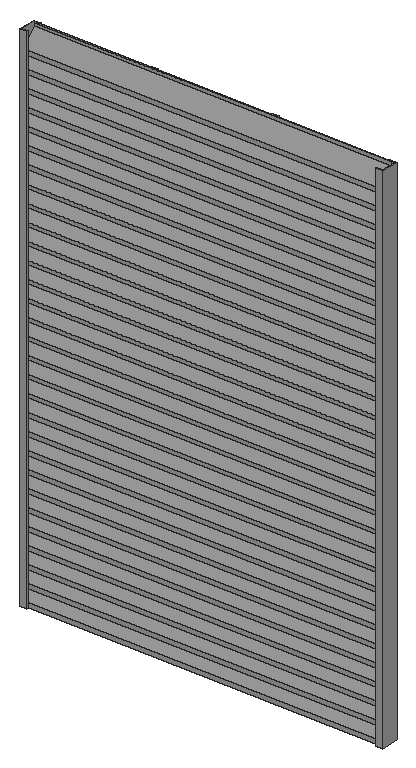
Revit family "Palmshield-Asia-Louver-Panel", category Specialty Equipment, Revit 2025
Family settings
  Round Connector Dimension = Use Diameter
  Part Type = Normal
  OmniClass Number = 23.55.00.00
  OmniClass Title = Manufactured Structures
  Work Plane-Based = No
  Enable Cutting in Views = No
  Always vertical = No
  Cut with Voids When Loaded = No
  Maintain Annotation Orientation = No
  Shared = No
  Room Calculation Point = No
Parameters (values of type "Assembly")
  Width [instance] = if(Desired Overall Width < C Min Width, C Min Width, if(Desired Overall Width > C Max Width, C Max Width, Desired Overall Width))  # 4' - 0"
  Warranty URL = "https://palmshieldlouvers.com/wp-content/uploads/2020/01/PalmSHIELD-Warranty-NO-SIGN-LINE.pdf"
  Version = "2020 - v1.0a"  # constant formula
  URL = "https://palmshieldlouvers.com/"
  Product Page URL = "https://palmshieldlouvers.com/products/semi-private-screening/"
  Product Documentation Link = "http://palmshieldlouvers.com/wp-content/uploads/2020/05/PalmSHIELD-Semi-Private-Composite-Technical-Data-Sheet.pdf"
  Offset From Surface = 0' - 2"  # constant formula
  Model = "Asia - Aluminum - Panel Assembly"  # constant formula
  Material = Metal - PalmSHIELD - Dusty Grey
  Manufacturer Phone Number = "531-329-4406 "  # constant formula
  Manufacturer Email = "mailto: info@palmshieldlouvers.com"
  Manufacturer Address = "12330 Cary Circle, La Vista, NE 68128"  # constant formula
  Manufacturer = "PalmSHIELD"  # constant formula
  Keynote = "05 10 00"
  Instruction Sheet Link = "http://palmshieldlouvers.com/wp-content/uploads/2020/01/PalmSHIELD-Post-Panel-Gate-Installation-Instructions-REV-1.pdf"
  ID [instance] = "Not Assigned"
  Height [instance] = if(Desired Overall Height < C Min Height, C Min Height, if(Desired Overall Height > C Max Height, C Max Height, Desired Overall Height))  # 6' - 0"
  Desired Overall Width [instance] = 4' - 0"
  Desired Overall Height [instance] = 6' - 0"
  Desired Bottom Angle [instance] = 0.00°
  Description = "Asia - Aluminum - Panel Assembly"  # constant formula
  Default Elevation = 0' - 0"
  Copyright = "Copyright ©2024 The American Fence Company and PalmSHIELD. All Rights Reserved."  # constant formula
  Component Vis [instance] = yes
  Component Name [instance] = "Asia - Aluminum - Panel Assembly"  # constant formula
  C Min Width [instance] = 3' - 4"  # constant formula
  C Min Height [instance] = 3' - 4"  # constant formula
  C Max Width [instance] = 5' - 0"  # constant formula
  C Max Height [instance] = 12' - 0"  # constant formula
  C Angle [instance] = if(Desired Bottom Angle > 10.00°, 10.00°, if(Desired Bottom Angle < -10.00°, -10.00°, Desired Bottom Angle))  # 0.00°
  Assembly Code = "F1020100"
Reference planes (in)
  plane 1 "Center (Front/Back)": y = 0
  plane 2: z = 0
  plane 3 "Center (Left/Right)": x = 0
  plane 4: z = 72
  plane 5: x = 48
  plane 6: y = 2.25
  plane 7: y = 1.125
Lines and regions (in)
  reference lines
    curve 1: line (48, 0, 85.95698) -> (48, 0, -11)
    curve 2: line (-20.8931, 0, 72) -> (71.1069, 0, 72)
Dimensions and locks (in)
  "Desired Overall Height": curve 2 to level
  "Desired Overall Width": curve 1 to plane 3 "Center (Left/Right)"
  "Height": plane 4 to level
  "Width": plane 5 to plane 3 "Center (Left/Right)"
  equal spacing: plane 1 "Center (Front/Back)", plane 7, plane 6
  aligned and locked: plane 2 to level
Automatic sketch dimensions
  curve 2 to plane 3 "Center (Left/Right)" = 1' - 8.8931"
  plane 5 to curve 2 = 1' - 11.1069"
  curve 1 to level = 0' - 11"
  plane 4 to curve 1 = 1' - 1.95698"
Nested families (in)
  nested 1: "Screening-Louver-Assembly-Panel-Palmshield-Asia" at (0, 0, 0), Desired Overall Height <- "Desired Overall Height", Desired Overall Width <- "Desired Overall Width", ID <- "ID", Height <- "Height", Width <- "Width", Component Vis <- "Component Vis", type "Assembly"
    with Width 4' - 0", Louver Length 3' - 11 1/4", ID "Not Assigned", Height 6' - 0", Desired Overall Width 4' - 0", Desired Overall Height 6' - 0", Component Vis yes, Component Name "Asia - Panel Assembly", C Top Post Length 4' - 0", C Straight Corner Angle 45.00°, C Slope Angle 0.00°, C Side Frame Width 0' - 0 7/8", C Side Adjustment 0' - 0", C Rib Thickness Bottom Offset 0' - 0", C Rib Bottom Side Offset 0' - 0", C Louver Offset 0' - 0 1/8", C Louver Count 30, C Hip 4' - 0", C Frame Offset 0' - 0 3/8", C Desired Bottom Angle 0.00°, C Corner Offset 0' - 3", C B-Side Post Length 6' - 0", C B-Side Angle 45.00°, C Angle 90.00°, C A-Side Post Length 6' - 0", C A-Side Angle 45.00°
  nested 2: "Nested-U_Channel-Palmshield-Asia" at (0, 0, 72) x (0, 1, 0) z (1, 0, 0), type "2-1/4"X7/8"X1/8" AL CHANNEL"
    with Material Metal - PalmSHIELD - Dusty Grey, Length 5' - 8 1/2", ID "Not Assigned", Component Name "Asia - Aluminum - U Channel"
  nested 3: "Nested-U_Channel-Palmshield-Asia" at (48, 0, 3.5) x (0, 1, 0) z (-1, 0, 0), type "2-1/4"X7/8"X1/8" AL CHANNEL"
    with Material Metal - PalmSHIELD - Dusty Grey, Length 5' - 8 1/2", ID "Not Assigned", Component Name "Asia - Aluminum - U Channel"
  nested 4: "Nested-Louvers-Palmshield-Asia" at (0.375, 2.125, 8.75669) x (0, -1, 0) z (1, 0, 0), type "EXTRUDED ALUMINUM LOUVERS TYP."
    with Material Metal - PalmSHIELD - Dusty Grey, Length 3' - 11 1/4", ID "Not Assigned", Component Name "Asia - Aluminum - Louvers"
  nested 5: "Nested-Louvers-Palmshield-Asia" at (0.375, 2.125, 11.01538) x (0, -1, 0) z (1, 0, 0), type "EXTRUDED ALUMINUM LOUVERS TYP."
    with Material Metal - PalmSHIELD - Dusty Grey, Length 3' - 11 1/4", ID "Not Assigned", Component Name "Asia - Aluminum - Louvers"
  nested 6: "Nested-Louvers-Palmshield-Asia" at (0.375, 2.125, 13.27407) x (0, -1, 0) z (1, 0, 0), type "EXTRUDED ALUMINUM LOUVERS TYP."
    with Material Metal - PalmSHIELD - Dusty Grey, Length 3' - 11 1/4", ID "Not Assigned", Component Name "Asia - Aluminum - Louvers"
  nested 7: "Nested-Louvers-Palmshield-Asia" at (0.375, 2.125, 15.53276) x (0, -1, 0) z (1, 0, 0), type "EXTRUDED ALUMINUM LOUVERS TYP."
    with Material Metal - PalmSHIELD - Dusty Grey, Length 3' - 11 1/4", ID "Not Assigned", Component Name "Asia - Aluminum - Louvers"
  nested 8: "Nested-Louvers-Palmshield-Asia" at (0.375, 2.125, 17.79145) x (0, -1, 0) z (1, 0, 0), type "EXTRUDED ALUMINUM LOUVERS TYP."
    with Material Metal - PalmSHIELD - Dusty Grey, Length 3' - 11 1/4", ID "Not Assigned", Component Name "Asia - Aluminum - Louvers"
  nested 9: "Nested-Louvers-Palmshield-Asia" at (0.375, 2.125, 20.05014) x (0, -1, 0) z (1, 0, 0), type "EXTRUDED ALUMINUM LOUVERS TYP."
    with Material Metal - PalmSHIELD - Dusty Grey, Length 3' - 11 1/4", ID "Not Assigned", Component Name "Asia - Aluminum - Louvers"
  nested 10: "Nested-Louvers-Palmshield-Asia" at (0.375, 2.125, 22.30883) x (0, -1, 0) z (1, 0, 0), type "EXTRUDED ALUMINUM LOUVERS TYP."
    with Material Metal - PalmSHIELD - Dusty Grey, Length 3' - 11 1/4", ID "Not Assigned", Component Name "Asia - Aluminum - Louvers"
  nested 11: "Nested-Louvers-Palmshield-Asia" at (0.375, 2.125, 24.56752) x (0, -1, 0) z (1, 0, 0), type "EXTRUDED ALUMINUM LOUVERS TYP."
    with Material Metal - PalmSHIELD - Dusty Grey, Length 3' - 11 1/4", ID "Not Assigned", Component Name "Asia - Aluminum - Louvers"
  nested 12: "Nested-Louvers-Palmshield-Asia" at (0.375, 2.125, 26.82621) x (0, -1, 0) z (1, 0, 0), type "EXTRUDED ALUMINUM LOUVERS TYP."
    with Material Metal - PalmSHIELD - Dusty Grey, Length 3' - 11 1/4", ID "Not Assigned", Component Name "Asia - Aluminum - Louvers"
  nested 13: "Nested-Louvers-Palmshield-Asia" at (0.375, 2.125, 29.0849) x (0, -1, 0) z (1, 0, 0), type "EXTRUDED ALUMINUM LOUVERS TYP."
    with Material Metal - PalmSHIELD - Dusty Grey, Length 3' - 11 1/4", ID "Not Assigned", Component Name "Asia - Aluminum - Louvers"
  nested 14: "Nested-Louvers-Palmshield-Asia" at (0.375, 2.125, 31.34359) x (0, -1, 0) z (1, 0, 0), type "EXTRUDED ALUMINUM LOUVERS TYP."
    with Material Metal - PalmSHIELD - Dusty Grey, Length 3' - 11 1/4", ID "Not Assigned", Component Name "Asia - Aluminum - Louvers"
  nested 15: "Nested-Louvers-Palmshield-Asia" at (0.375, 2.125, 33.60228) x (0, -1, 0) z (1, 0, 0), type "EXTRUDED ALUMINUM LOUVERS TYP."
    with Material Metal - PalmSHIELD - Dusty Grey, Length 3' - 11 1/4", ID "Not Assigned", Component Name "Asia - Aluminum - Louvers"
  nested 16: "Nested-Louvers-Palmshield-Asia" at (0.375, 2.125, 35.86097) x (0, -1, 0) z (1, 0, 0), type "EXTRUDED ALUMINUM LOUVERS TYP."
    with Material Metal - PalmSHIELD - Dusty Grey, Length 3' - 11 1/4", ID "Not Assigned", Component Name "Asia - Aluminum - Louvers"
  nested 17: "Nested-Louvers-Palmshield-Asia" at (0.375, 2.125, 38.11966) x (0, -1, 0) z (1, 0, 0), type "EXTRUDED ALUMINUM LOUVERS TYP."
    with Material Metal - PalmSHIELD - Dusty Grey, Length 3' - 11 1/4", ID "Not Assigned", Component Name "Asia - Aluminum - Louvers"
  nested 18: "Nested-Louvers-Palmshield-Asia" at (0.375, 2.125, 40.37834) x (0, -1, 0) z (1, 0, 0), type "EXTRUDED ALUMINUM LOUVERS TYP."
    with Material Metal - PalmSHIELD - Dusty Grey, Length 3' - 11 1/4", ID "Not Assigned", Component Name "Asia - Aluminum - Louvers"
  nested 19: "Nested-Louvers-Palmshield-Asia" at (0.375, 2.125, 42.63703) x (0, -1, 0) z (1, 0, 0), type "EXTRUDED ALUMINUM LOUVERS TYP."
    with Material Metal - PalmSHIELD - Dusty Grey, Length 3' - 11 1/4", ID "Not Assigned", Component Name "Asia - Aluminum - Louvers"
  nested 20: "Nested-Louvers-Palmshield-Asia" at (0.375, 2.125, 44.89572) x (0, -1, 0) z (1, 0, 0), type "EXTRUDED ALUMINUM LOUVERS TYP."
    with Material Metal - PalmSHIELD - Dusty Grey, Length 3' - 11 1/4", ID "Not Assigned", Component Name "Asia - Aluminum - Louvers"
  nested 21: "Nested-Louvers-Palmshield-Asia" at (0.375, 2.125, 47.15441) x (0, -1, 0) z (1, 0, 0), type "EXTRUDED ALUMINUM LOUVERS TYP."
    with Material Metal - PalmSHIELD - Dusty Grey, Length 3' - 11 1/4", ID "Not Assigned", Component Name "Asia - Aluminum - Louvers"
  nested 22: "Nested-Louvers-Palmshield-Asia" at (0.375, 2.125, 49.4131) x (0, -1, 0) z (1, 0, 0), type "EXTRUDED ALUMINUM LOUVERS TYP."
    with Material Metal - PalmSHIELD - Dusty Grey, Length 3' - 11 1/4", ID "Not Assigned", Component Name "Asia - Aluminum - Louvers"
  nested 23: "Nested-Louvers-Palmshield-Asia" at (0.375, 2.125, 51.67179) x (0, -1, 0) z (1, 0, 0), type "EXTRUDED ALUMINUM LOUVERS TYP."
    with Material Metal - PalmSHIELD - Dusty Grey, Length 3' - 11 1/4", ID "Not Assigned", Component Name "Asia - Aluminum - Louvers"
  nested 24: "Nested-Louvers-Palmshield-Asia" at (0.375, 2.125, 53.93048) x (0, -1, 0) z (1, 0, 0), type "EXTRUDED ALUMINUM LOUVERS TYP."
    with Material Metal - PalmSHIELD - Dusty Grey, Length 3' - 11 1/4", ID "Not Assigned", Component Name "Asia - Aluminum - Louvers"
  nested 25: "Nested-Louvers-Palmshield-Asia" at (0.375, 2.125, 56.18917) x (0, -1, 0) z (1, 0, 0), type "EXTRUDED ALUMINUM LOUVERS TYP."
    with Material Metal - PalmSHIELD - Dusty Grey, Length 3' - 11 1/4", ID "Not Assigned", Component Name "Asia - Aluminum - Louvers"
  nested 26: "Nested-Louvers-Palmshield-Asia" at (0.375, 2.125, 58.44786) x (0, -1, 0) z (1, 0, 0), type "EXTRUDED ALUMINUM LOUVERS TYP."
    with Material Metal - PalmSHIELD - Dusty Grey, Length 3' - 11 1/4", ID "Not Assigned", Component Name "Asia - Aluminum - Louvers"
  nested 27: "Nested-Louvers-Palmshield-Asia" at (0.375, 2.125, 60.70655) x (0, -1, 0) z (1, 0, 0), type "EXTRUDED ALUMINUM LOUVERS TYP."
    with Material Metal - PalmSHIELD - Dusty Grey, Length 3' - 11 1/4", ID "Not Assigned", Component Name "Asia - Aluminum - Louvers"
  nested 28: "Nested-Louvers-Palmshield-Asia" at (0.375, 2.125, 62.96524) x (0, -1, 0) z (1, 0, 0), type "EXTRUDED ALUMINUM LOUVERS TYP."
    with Material Metal - PalmSHIELD - Dusty Grey, Length 3' - 11 1/4", ID "Not Assigned", Component Name "Asia - Aluminum - Louvers"
  nested 29: "Nested-Louvers-Palmshield-Asia" at (0.375, 2.125, 65.22393) x (0, -1, 0) z (1, 0, 0), type "EXTRUDED ALUMINUM LOUVERS TYP."
    with Material Metal - PalmSHIELD - Dusty Grey, Length 3' - 11 1/4", ID "Not Assigned", Component Name "Asia - Aluminum - Louvers"
  nested 30: "Nested-Louvers-Palmshield-Asia" at (0.375, 2.125, 67.48262) x (0, -1, 0) z (1, 0, 0), type "EXTRUDED ALUMINUM LOUVERS TYP."
    with Material Metal - PalmSHIELD - Dusty Grey, Length 3' - 11 1/4", ID "Not Assigned", Component Name "Asia - Aluminum - Louvers"
  nested 31: "Nested-Louvers-Palmshield-Asia" at (0.375, 2.125, 69.74131) x (0, -1, 0) z (1, 0, 0), type "EXTRUDED ALUMINUM LOUVERS TYP."
    with Material Metal - PalmSHIELD - Dusty Grey, Length 3' - 11 1/4", ID "Not Assigned", Component Name "Asia - Aluminum - Louvers"
  nested 32: "Nested-Louvers-Palmshield-Asia" at (0.375, 2.125, 6.498) x (0, -1, 0) z (1, 0, 0), type "EXTRUDED ALUMINUM LOUVERS TYP."
    with Material Metal - PalmSHIELD - Dusty Grey, Length 3' - 11 1/4", ID "Not Assigned", Component Name "Asia - Aluminum - Louvers"
  nested 33: "Nested-Louvers-Palmshield-Asia" at (0.375, 2.125, 72) x (0, -1, 0) z (1, 0, 0), type "EXTRUDED ALUMINUM LOUVERS TYP."
    with Material Metal - PalmSHIELD - Dusty Grey, Length 3' - 11 1/4", ID "Not Assigned", Component Name "Asia - Aluminum - Louvers"
  nested 34: "Nested-Rib-Palmshield-Asia" at (16, 2.125, 5.97847), type "1/8"X3/4" AL FB RIBS"
    with Material Metal - PalmSHIELD - Dusty Grey, Length 5' - 6.02153", ID "Not Assigned", Component Name "Asia - Aluminum - FB Ribs"
  nested 35: "Nested-Rib-Palmshield-Asia" at (32, 2.125, 5.97847), type "1/8"X3/4" AL FB RIBS"
    with Material Metal - PalmSHIELD - Dusty Grey, Length 5' - 6.02153", ID "Not Assigned", Component Name "Asia - Aluminum - FB Ribs"
Definition of nested family "Nested-U_Channel-Palmshield-Asia"
  Parameters (values of type "2-1/4"X7/8"X1/8" AL CHANNEL")
    Width = 0' - 2 1/4"  # constant formula
    Warranty URL = "https://palmshieldlouvers.com/wp-content/uploads/2020/01/PalmSHIELD-Warranty-NO-SIGN-LINE.pdf"
    Version = "2020 - v1.0a"  # constant formula
    URL = "https://palmshieldlouvers.com/"
    Thickness = 0' - 0 1/8"  # constant formula
    Product Page URL = "https://palmshieldlouvers.com/products/louvers/"
    Product Documentation Link = "https://palmshieldlouvers.com/wp-content/uploads/2022/01/Asia-Commercial-Horizontal-Technical-Data-Sheet.pdf"
    Model = "Asia"  # constant formula
    Material [instance] = none
    Manufacturer Phone Number = "531-329-4406 "  # constant formula
    Manufacturer Fax Number = "Consult Manufacturer Website for More Information"  # constant formula
    Manufacturer Email = "mailto: info@palmshieldlouvers.com"
    Manufacturer Address = "12330 Cary Circle, La Vista, NE 68128"  # constant formula
    Manufacturer = "PalmSHIELD"  # constant formula
    Length [instance] = 4' - 4.86713"
    Keynote = "05 10 00"
    Instruction Sheet Link = "https://palmshieldlouvers.com/wp-content/uploads/2021/09/PalmSHIELD-Mercury-Series-Post-Panel-Gate-Installation-Instructions-2.docx"
    ID [instance] = ""
    Height = 0' - 0 7/8"  # constant formula
    Description = "Asia - U Channel"  # constant formula
    Default Elevation = 4' - 0"
    Copyright = "Copyright ©2024 The American Fence Company and PalmSHIELD. All Rights Reserved."  # constant formula
    Component Name [instance] = "Asia - Aluminum - U Channel"  # constant formula
    C Hole Offset = 0' - 1 1/2"  # constant formula
    Assembly Code = "F1020100"
  Reference planes (in)
    plane 1 "Center (Front/Back)": y = 0
    plane 2: z = 0
    plane 3 "Center (Left/Right)": x = 0
    plane 4: x = 2.25
    plane 5: y = -52.86713
    plane 6: z = 0.875
  Forms (in)
    Extrusion 1, solid
      sketch origin (0, 0, 0) x (1, 0, 0) y (0, 1, 0)
        loop
          line (-48, 48) -> (-48, -48) -> (48, -48) -> (48, 48) -> (-48, 48)
      from 0 to -12
    Sweep 2, solid, material <- "Material"
      path origin (0, 0, 0) x (0, 1, 0) y (0, 0, 1)
        loop
          line (0, 0) -> (-52.86713, 0)
      profile "Profile-Palmshield-U : 2-1/4"X7/8"X1/8"" origin (0, -26.43357, 0) x (0, 0, -1) y (1, 0, 0)
        loop
          line (0, 0) -> (0, 2.25) -> (-0.875, 2.25) -> (-0.875, 2.125) -> (-0.125, 2.125) -> (-0.125, 0.125) -> (-0.875, 0.125) -> (-0.875, 0) -> (0, 0)
  Dimensions and locks (in)
    "Width": plane 3 "Center (Left/Right)" to plane 4
    "Length": plane 1 "Center (Front/Back)" to plane 5
    "Height": plane 6 to plane 2
    aligned and locked: plane 2 to Extrusion 1
    aligned and locked: level to Extrusion 1
    aligned and locked: plane 1 "Center (Front/Back)" to Sweep 2 sketch curve
    aligned and locked: plane 5 to Sweep 2 sketch curve
  Automatic sketch dimensions
    Extrusion 1 sketch curve to Extrusion 1 sketch curve = 8' - 0"  (x2)
    Sweep 2 sketch curve to level = 0' - 0"
Definition of nested family "Nested-Louvers-Palmshield-Asia"
  Parameters (values of type "EXTRUDED ALUMINUM LOUVERS TYP.")
    Width = 0' - 2 7/8"  # constant formula
    Warranty URL = "https://palmshieldlouvers.com/wp-content/uploads/2020/01/PalmSHIELD-Warranty-NO-SIGN-LINE.pdf"
    Version = "2020 - v1.0a"  # constant formula
    URL = "https://palmshieldlouvers.com/"
    Thickness = 0' - 0 1/8"  # constant formula
    Product Page URL = "https://palmshieldlouvers.com/products/louvers/"
    Product Documentation Link = "https://palmshieldlouvers.com/wp-content/uploads/2022/01/Asia-Commercial-Horizontal-Technical-Data-Sheet.pdf"
    Model = "Asia"  # constant formula
    Material [instance] = none
    Manufacturer Phone Number = "531-329-4406 "  # constant formula
    Manufacturer Fax Number = "Consult Manufacturer Website for More Information"  # constant formula
    Manufacturer Email = "mailto: info@palmshieldlouvers.com"
    Manufacturer Address = "12330 Cary Circle, La Vista, NE 68128"  # constant formula
    Manufacturer = "PalmSHIELD"  # constant formula
    Length [instance] = 4' - 4.86713"
    Keynote = "05 10 00"
    Instruction Sheet Link = "https://palmshieldlouvers.com/wp-content/uploads/2021/09/PalmSHIELD-Mercury-Series-Post-Panel-Gate-Installation-Instructions-2.docx"
    ID [instance] = ""
    Description = "Asia - Louvers"  # constant formula
    Default Elevation = 4' - 0"
    Copyright = "Copyright ©2024 The American Fence Company and PalmSHIELD. All Rights Reserved."  # constant formula
    Component Name [instance] = "Asia - Aluminum - Louvers"  # constant formula
    C Hole Offset = 0' - 1 1/2"  # constant formula
    Assembly Code = "F1020100"
  Reference planes (in)
    plane 1 "Center (Front/Back)": y = 0
    plane 2: z = 0
    plane 3 "Center (Left/Right)": x = 0
    plane 4: z = 52.86713
    plane 5: y = 2.875
  Forms (in)
    Extrusion 1, solid
      sketch origin (0, 0, 0) x (1, 0, 0) y (0, 1, 0)
        loop
          line (-48, 48) -> (-48, -48) -> (48, -48) -> (48, 48) -> (-48, 48)
      from 0 to -12
    Sweep 2, solid, material <- "Material"
      path origin (0, 0, 0) x (0, 1, 0) y (0, 0, 1)
        loop
          line (0, 0) -> (0, 52.86713)
      profile "Profile-Palmshield-Louver : LOUVERS TYP. - 6063-T6" origin (0, 0, 26.43357) x (0, -1, 0) y (1, 0, 0)
        loop
          line (-2.39453, 1.875) -> (-0.51953, 0) -> (0, 0) -> (0, 0.125) -> (-0.46775, 0.125) -> (-2.34275, 2) -> (-2.873, 2) -> (-2.873, 1.875) -> (-2.39453, 1.875)
  Dimensions and locks (in)
    "Length": plane 4 to plane 2
    "Width": plane 5 to plane 1 "Center (Front/Back)"
    aligned and locked: plane 2 to Extrusion 1
    aligned and locked: level to Extrusion 1
    aligned and locked: plane 1 "Center (Front/Back)" to Sweep 2 sketch curve
    aligned and locked: plane 4 to Sweep 2 sketch curve
  Automatic sketch dimensions
    Extrusion 1 sketch curve to Extrusion 1 sketch curve = 8' - 0"  (x2)
    Sweep 2 sketch curve to level = 0' - 0"
Definition of nested family "Nested-Rib-Palmshield-Asia"
  Parameters (values of type "1/8"X3/4" AL FB RIBS")
    Width = 0' - 0 3/4"  # constant formula
    Warranty URL = "https://palmshieldlouvers.com/wp-content/uploads/2020/01/PalmSHIELD-Warranty-NO-SIGN-LINE.pdf"
    Version = "2020 - v1.0a"  # constant formula
    URL = "https://palmshieldlouvers.com/"
    Thickness = 0' - 0 1/8"  # constant formula
    Product Page URL = "https://palmshieldlouvers.com/products/louvers/"
    Product Documentation Link = "https://palmshieldlouvers.com/wp-content/uploads/2022/01/Asia-Commercial-Horizontal-Technical-Data-Sheet.pdf"
    Model = "Asia"  # constant formula
    Material [instance] = none
    Manufacturer Phone Number = "531-329-4406 "  # constant formula
    Manufacturer Fax Number = "Consult Manufacturer Website for More Information"  # constant formula
    Manufacturer Email = "mailto: info@palmshieldlouvers.com"
    Manufacturer Address = "12330 Cary Circle, La Vista, NE 68128"  # constant formula
    Manufacturer = "PalmSHIELD"  # constant formula
    Length [instance] = 4' - 4.86713"
    Keynote = "05 10 00"
    Instruction Sheet Link = "https://palmshieldlouvers.com/wp-content/uploads/2021/09/PalmSHIELD-Mercury-Series-Post-Panel-Gate-Installation-Instructions-2.docx"
    ID [instance] = ""
    Description = "Asia - Rib"  # constant formula
    Default Elevation = 4' - 0"
    Copyright = "Copyright ©2024 The American Fence Company and PalmSHIELD. All Rights Reserved."  # constant formula
    Component Name [instance] = "Asia - Aluminum - FB Ribs"  # constant formula
    Assembly Code = "F1020100"
  Reference planes (in)
    plane 1 "Center (Front/Back)": y = 0
    plane 2: z = 0
    plane 3 "Center (Left/Right)": x = 0
    plane 4: z = 52.86713
    plane 5: x = 0.375
    plane 6: x = -0.375
  Forms (in)
    Extrusion 1, solid
      sketch origin (0, 0, 0) x (1, 0, 0) y (0, 1, 0)
        loop
          line (-48, 48) -> (-48, -48) -> (48, -48) -> (48, 48) -> (-48, 48)
      from 0 to -12
    Sweep 2, solid, material <- "Material"
      path origin (0, 0, 0) x (0, 1, 0) y (0, 0, 1)
        loop
          line (0, 0) -> (0, 52.86713)
      profile "Profile-Palmshield-Rib : AL FB 1/8" X 3/4"" origin (0, 0, 26.43357) x (0, -1, 0) y (1, 0, 0)
        loop
          line (-0.125, -0.375) -> (0, -0.375) -> (0, 0.375) -> (-0.125, 0.375) -> (-0.125, -0.375)
  Dimensions and locks (in)
    "Length": plane 4 to plane 2
    equal spacing: plane 5, plane 3 "Center (Left/Right)", plane 6
    "Width": plane 5 to plane 6
    aligned and locked: plane 2 to Extrusion 1
    aligned and locked: level to Extrusion 1
    aligned and locked: plane 1 "Center (Front/Back)" to Sweep 2 sketch curve
    aligned and locked: plane 4 to Sweep 2 sketch curve
  Automatic sketch dimensions
    Extrusion 1 sketch curve to Extrusion 1 sketch curve = 8' - 0"  (x2)
    Sweep 2 sketch curve to level = 0' - 0"
Definition of nested family "Screening-Louver-Assembly-Panel-Palmshield-Asia"
  Parameters (values of type "Default")
    Width [instance] = if(Desired Overall Width < 4' 0", 4' 0", if(Desired Overall Width > 5' 0", 5' 0", Desired Overall Width))  # 4' - 0"
    Warranty URL = "https://palmshieldlouvers.com/wp-content/uploads/2020/01/PalmSHIELD-Warranty-NO-SIGN-LINE.pdf"
    Version = "2020 - v1.0a"  # constant formula
    URL = "https://palmshieldlouvers.com/"
    Offset From Surface = 0' - 3 1/2"  # constant formula
    Material = none
    Louver Separation = 0' - 2 3/8"  # constant formula
    Product Page URL = "https://palmshieldlouvers.com/products/louvers/"
    Product Documentation Link = "https://palmshieldlouvers.com/wp-content/uploads/2022/01/Asia-Commercial-Horizontal-Technical-Data-Sheet.pdf"
    Model = "Asia - Post Assembly"  # constant formula
    Manufacturer Phone Number = "531-329-4406 "  # constant formula
    Manufacturer Fax Number = "Consult Manufacturer Website for More Information"  # constant formula
    Manufacturer Email = "mailto: info@palmshieldlouvers.com"
    Manufacturer Address = "12330 Cary Circle, La Vista, NE 68128"  # constant formula
    Manufacturer = "PalmSHIELD"  # constant formula
    Louver Length [instance] = Width - 2 * C Side Frame Width + 0' 1"  # 3' - 11 1/4"
    Keynote = "05 10 00"
    Instruction Sheet Link = "https://palmshieldlouvers.com/wp-content/uploads/2021/09/PalmSHIELD-Mercury-Series-Post-Panel-Gate-Installation-Instructions-2.docx"
    ID [instance] = "Not Assgined"
    Height [instance] = if(Desired Overall Height < 3' 0", 3' 0", if(Desired Overall Height > 12' 0", 12' 0", Desired Overall Height))  # 6' - 0"
    Frame Width = 0' - 3"  # constant formula
    Frame Thickness = 0' - 0 1/8"  # constant formula
    Desired Overall Width [instance] = 4' - 0"
    Desired Overall Height [instance] = 6' - 0"
    Description = "Asia - Panel Assembly"  # constant formula
    Default Elevation = 4' - 0"
    Copyright = "Copyright ©2024 The American Fence Company and PalmSHIELD. All Rights Reserved."  # constant formula
    Component Vis [instance] = yes
    Component Name [instance] = "Asia - Panel Assembly"  # constant formula
    C Top Post Length [instance] = Width  # 4' - 0"
    C Top Offset = 0' - 0"  # constant formula
    C Straight Corner Angle [instance] = 45.00°  # constant formula
    C Slope Angle [instance] = if(C Desired Bottom Angle < -25.00°, 25.00°, if(C Desired Bottom Angle > 25.00°, 25.00°, C Desired Bottom Angle))  # 0.00°
    C Side Frame Width [instance] = 0' - 0 7/8"  # constant formula
    C Rib Thickness Bottom Offset [instance] = 0' - 0"  # constant formula
    C Rib Bottom Side Offset [instance] = if(C Slope Angle < 0.00°, -Frame Thickness * sin(C Slope Angle), Frame Thickness * sin(C Slope Angle))  # 0' - 0"
    C Louver Overlap = 0' - 0 1/2"  # constant formula
    C Louver Offset [instance] = 0' - 0 1/8"  # constant formula
    C Louver Count [instance] = if(C Slope Angle < 0.00°, (Height - 2 * C Top Offset) / Louver Separation, (Height - 2 * C Top Offset * 2 - C Hip * sin(C Slope Angle)) / Louver Separation)  # 30
    C Hip [instance] = Width / cos(C Slope Angle)  # 4' - 0"
    C Side Adjustment [instance] = -C Hip * sin(C Slope Angle)  # 0' - 0"
    C Frame Offset [instance] = C Side Frame Width - 0' 0 1/2"  # 0' - 0 3/8"
    C Corner Offset [instance] = if(C Slope Angle > 0.00°, C Top Offset / sin([C A-Side Angle]) * cos([C A-Side Angle]), if(C Slope Angle < 0.00°, C Top Offset / sin([C A-Side Angle]) * cos([C A-Side Angle]), 0' 3"))  # 0' - 3"
    C B-Side Post Length [instance] = Height + C Side Adjustment  # 6' - 0"
    C B-Side Angle [instance] = (90.00° - C Slope Angle) / 2  # 45.00°
    C Angle [instance] = if(C Slope Angle < -25.00°, 90.00° - 25.00°, if(C Slope Angle > 25.00°, 90.00° + 25.00°, 90.00° - C Slope Angle))  # 90.00°
    C Desired Bottom Angle [instance] = 0.00°  # constant formula
    C A-Side Post Length [instance] = Height  # 6' - 0"
    C A-Side Angle [instance] = (90.00° + C Slope Angle) / 2  # 45.00°
    Assembly Code = "F1020100"
  Reference planes (in)
    plane 1: y = 0
    plane 2: z = 0
    plane 3 "Side A": x = 0
    plane 4 "Top": z = 72
    plane 5 "Side B": x = 48
    plane 6: z = 3.5
    plane 7: z = 3.625
    plane 8: x = 0.125
    plane 9: x = 47.875
    plane 10: y = 0.125
    plane 11: z = 3.625
    plane 12: x = 16
    plane 13: x = 32
    plane 14: y = 2.25
    plane 15: z = 72
    plane 16: z = 0.625
    plane 17: z = 3.5
    plane 18: x = 0
    plane 19: x = 15.625
    plane 20: x = 31.625
    plane 21: x = 0.375
    plane 22 "B": z = 5.97847
    plane 23 "Center (Front/Back)": y = 1.125
    plane 24: x = 24
  Forms (in)
    Extrusion 1, solid
      sketch origin (0, 0, 0) x (1, 0, 0) y (0, 1, 0)
        loop
          line (-48, 48) -> (-48, -48) -> (48, -48) -> (48, 48) -> (-48, 48)
      from 0 to -12
  Lines and regions (in)
    reference lines
      curve 1: line (0, 0, 3.5) -> (84, 0, 3.5)
      curve 2: line (0, 0, 3.5) -> (81.25, 0, 3.5)
      curve 3: line (15.625, 0, 3.5) -> (26.375, 0, 3.5)
      curve 4: line (31.625, 0, 3.5) -> (41.625, 0, 3.5)
      curve 5: line (-32.20794, 0, 72) -> (83.18293, 0, 72)
      curve 6: line (48, 0, 95.69519) -> (48, 0, 5.28333)
      curve 7: line (48, 0, 3.5) -> (53.25, 0, 3.5)
  Dimensions and locks (in)
    "Width": plane 5 "Side B" to plane 3 "Side A"
    "Offset From Surface": plane 6 to Extrusion 1
    "C Louver Offset": plane 7 to plane 6
    "Frame Thickness": plane 8 to plane 3 "Side A"
    "Frame Thickness": plane 5 "Side B" to plane 9
    "Frame Thickness": plane 10 to plane 1
    "C Top Offset": plane 7 to plane 11
    equal spacing: plane 3 "Side A", plane 12, plane 13, plane 5 "Side B"
    "C Top Offset": plane 4 "Top" to plane 15
    "C Corner Offset": plane 7 to plane 16
    "C Rib Thickness Bottom Offset": plane 17 to plane 6
    "C Rib Bottom Side Offset": plane 3 "Side A" to plane 18
    locked: plane 12 to plane 19 at 0.375
    locked: plane 13 to plane 20 at 0.375
    "Desired Overall Width": curve 6 to plane 3 "Side A"
    "C Frame Offset": plane 21 to plane 3 "Side A"
    equal spacing: group 1, group 3, group 4, group 5, group 6, group 7, group 8, group 9, group 10, group 11, group 12, group 13, group 14, group 15, group 16, group 17, group 18, group 19, group 20, group 21, group 22, group 23, group 24, group 25, group 26, group 27, group 28, group 29, group 30, group 2  (x2)
    equal spacing: group 2, group 30, group 29, group 28, group 27, group 26, group 25, group 24, group 23, group 22, group 21, group 20, group 19, group 18, group 17, group 16, group 15, group 14, group 13, group 12, group 11, group 10, group 9, group 8, group 7, group 6, group 5, group 4, group 3, group 1
    locked: plane 22 "B" to plane 7 at 2.35347
    equal spacing: plane 1, plane 23 "Center (Front/Back)", plane 14
    equal spacing: plane 3 "Side A", plane 24, plane 5 "Side B"
    "Desired Overall Height": curve 5 to plane 2
    "Height": plane 4 "Top" to Extrusion 1
    "C Angle": angle curve 1 to plane 3 "Side A"
    "C Angle": angle curve 2 to plane 18
    locked: curve 3 to plane 19 (angle 90.00°)
    locked: curve 4 to plane 20 (angle 90.00°)
    locked: curve 7 to plane 5 "Side B" (angle 90.00°)
    aligned and locked: plane 2 to Extrusion 1
    aligned and locked: level to Extrusion 1
    aligned and locked: plane 6 to curve 1
    aligned and locked: plane 3 "Side A" to curve 1
    aligned and locked: nested 1 to plane 4 "Top"
    aligned and locked: nested 1 to plane 1
    aligned and locked: nested 2 to plane 1
    aligned and locked: plane 12 to nested 3
    aligned and locked: plane 15 to nested 3
    aligned and locked: plane 10 to nested 5
    aligned and locked: plane 13 to nested 4
    aligned and locked: plane 15 to nested 4
    aligned and locked: plane 18 to curve 2
    aligned and locked: plane 17 to curve 2
    aligned and locked: plane 19 to curve 3
    aligned and locked: plane 20 to curve 4
    aligned and locked: nested 1 to plane 6
    aligned and locked: plane 4 "Top" to nested 2
    aligned and locked: plane 15 to nested 5
    aligned and locked: plane 21 to nested 6
    aligned and locked: plane 10 to nested 6
    aligned and locked: nested 6 to plane 7
    aligned and locked: nested 1 to nested 3
    aligned and locked: nested 1 to nested 4
    aligned and locked: curve 6 to curve 7
    aligned and locked: nested 2 to curve 7
  Automatic sketch dimensions
    Extrusion 1 sketch curve to Extrusion 1 sketch curve = 8' - 0"  (x2)
    curve 5 to plane 3 "Side A" = 2' - 8.20794"
    plane 5 "Side B" to curve 5 = 2' - 11.18293"
    curve 6 to plane 22 "B" = 0' - 0.69514"
    plane 4 "Top" to curve 6 = 1' - 11.69519"
  Nested families (in)
    nested 1: "Nested-U_Channel-Palmshield-Asia" at (0, 0, 72) x (0, 1, 0) z (1, 0, 0), ID <- "ID", Material <- "Material", visible <- "Component Vis", type "2-1/4"X7/8"X1/8" AL CHANNEL"
      with Material none, Length 5' - 8 1/2", ID "Not Assgined", Component Name "Asia - Aluminum - U Channel"
    nested 2: "Nested-U_Channel-Palmshield-Asia" at (48, 0, 3.5) x (0, 1, 0) z (-1, 0, 0), ID <- "ID", Material <- "Material", visible <- "Component Vis", type "2-1/4"X7/8"X1/8" AL CHANNEL"
      with Material none, Length 5' - 8 1/2", ID "Not Assgined", Component Name "Asia - Aluminum - U Channel"
    nested 3: "Nested-Rib-Palmshield-Asia" at (16, 2.125, 5.97847), ID <- "ID", Material <- "Material", visible <- "Component Vis", type "1/8"X3/4" AL FB RIBS"
      with Material none, Length 5' - 6.02153", ID "Not Assgined", Component Name "Asia - Aluminum - FB Ribs"
    nested 4: "Nested-Rib-Palmshield-Asia" at (32, 2.125, 5.97847), ID <- "ID", Material <- "Material", visible <- "Component Vis", type "1/8"X3/4" AL FB RIBS"
      with Material none, Length 5' - 6.02153", ID "Not Assgined", Component Name "Asia - Aluminum - FB Ribs"
    nested 5: "Nested-Louvers-Palmshield-Asia" at (0.375, 2.125, 72) x (0, -1, 0) z (1, 0, 0), Length <- "Louver Length", ID <- "ID", Material <- "Material", visible <- "Component Vis", type "EXTRUDED ALUMINUM LOUVERS TYP."
      with Material none, Length 3' - 11 1/4", ID "Not Assgined", Component Name "Asia - Aluminum - Louvers"
    nested 6: "Nested-Louvers-Palmshield-Asia" at (0.375, 2.125, 6.498) x (0, -1, 0) z (1, 0, 0), Length <- "Louver Length", ID <- "ID", Material <- "Material", visible <- "Component Vis", type "EXTRUDED ALUMINUM LOUVERS TYP."
      with Material none, Length 3' - 11 1/4", ID "Not Assgined", Component Name "Asia - Aluminum - Louvers"
    nested 7: "Nested-Louvers-Palmshield-Asia" at (0.375, 2.125, 69.74131) x (0, -1, 0) z (1, 0, 0), Length <- "Louver Length", ID <- "ID", Material <- "Material", visible <- "Component Vis", type "EXTRUDED ALUMINUM LOUVERS TYP."
      with Material none, Length 3' - 11 1/4", ID "Not Assgined", Component Name "Asia - Aluminum - Louvers"
    nested 8: "Nested-Louvers-Palmshield-Asia" at (0.375, 2.125, 67.48262) x (0, -1, 0) z (1, 0, 0), Length <- "Louver Length", ID <- "ID", Material <- "Material", visible <- "Component Vis", type "EXTRUDED ALUMINUM LOUVERS TYP."
      with Material none, Length 3' - 11 1/4", ID "Not Assgined", Component Name "Asia - Aluminum - Louvers"
    nested 9: "Nested-Louvers-Palmshield-Asia" at (0.375, 2.125, 65.22393) x (0, -1, 0) z (1, 0, 0), Length <- "Louver Length", ID <- "ID", Material <- "Material", visible <- "Component Vis", type "EXTRUDED ALUMINUM LOUVERS TYP."
      with Material none, Length 3' - 11 1/4", ID "Not Assgined", Component Name "Asia - Aluminum - Louvers"
    nested 10: "Nested-Louvers-Palmshield-Asia" at (0.375, 2.125, 62.96524) x (0, -1, 0) z (1, 0, 0), Length <- "Louver Length", ID <- "ID", Material <- "Material", visible <- "Component Vis", type "EXTRUDED ALUMINUM LOUVERS TYP."
      with Material none, Length 3' - 11 1/4", ID "Not Assgined", Component Name "Asia - Aluminum - Louvers"
    nested 11: "Nested-Louvers-Palmshield-Asia" at (0.375, 2.125, 60.70655) x (0, -1, 0) z (1, 0, 0), Length <- "Louver Length", ID <- "ID", Material <- "Material", visible <- "Component Vis", type "EXTRUDED ALUMINUM LOUVERS TYP."
      with Material none, Length 3' - 11 1/4", ID "Not Assgined", Component Name "Asia - Aluminum - Louvers"
    nested 12: "Nested-Louvers-Palmshield-Asia" at (0.375, 2.125, 58.44786) x (0, -1, 0) z (1, 0, 0), Length <- "Louver Length", ID <- "ID", Material <- "Material", visible <- "Component Vis", type "EXTRUDED ALUMINUM LOUVERS TYP."
      with Material none, Length 3' - 11 1/4", ID "Not Assgined", Component Name "Asia - Aluminum - Louvers"
    nested 13: "Nested-Louvers-Palmshield-Asia" at (0.375, 2.125, 56.18917) x (0, -1, 0) z (1, 0, 0), Length <- "Louver Length", ID <- "ID", Material <- "Material", visible <- "Component Vis", type "EXTRUDED ALUMINUM LOUVERS TYP."
      with Material none, Length 3' - 11 1/4", ID "Not Assgined", Component Name "Asia - Aluminum - Louvers"
    nested 14: "Nested-Louvers-Palmshield-Asia" at (0.375, 2.125, 53.93048) x (0, -1, 0) z (1, 0, 0), Length <- "Louver Length", ID <- "ID", Material <- "Material", visible <- "Component Vis", type "EXTRUDED ALUMINUM LOUVERS TYP."
      with Material none, Length 3' - 11 1/4", ID "Not Assgined", Component Name "Asia - Aluminum - Louvers"
    nested 15: "Nested-Louvers-Palmshield-Asia" at (0.375, 2.125, 51.67179) x (0, -1, 0) z (1, 0, 0), Length <- "Louver Length", ID <- "ID", Material <- "Material", visible <- "Component Vis", type "EXTRUDED ALUMINUM LOUVERS TYP."
      with Material none, Length 3' - 11 1/4", ID "Not Assgined", Component Name "Asia - Aluminum - Louvers"
    nested 16: "Nested-Louvers-Palmshield-Asia" at (0.375, 2.125, 49.4131) x (0, -1, 0) z (1, 0, 0), Length <- "Louver Length", ID <- "ID", Material <- "Material", visible <- "Component Vis", type "EXTRUDED ALUMINUM LOUVERS TYP."
      with Material none, Length 3' - 11 1/4", ID "Not Assgined", Component Name "Asia - Aluminum - Louvers"
    nested 17: "Nested-Louvers-Palmshield-Asia" at (0.375, 2.125, 47.15441) x (0, -1, 0) z (1, 0, 0), Length <- "Louver Length", ID <- "ID", Material <- "Material", visible <- "Component Vis", type "EXTRUDED ALUMINUM LOUVERS TYP."
      with Material none, Length 3' - 11 1/4", ID "Not Assgined", Component Name "Asia - Aluminum - Louvers"
    nested 18: "Nested-Louvers-Palmshield-Asia" at (0.375, 2.125, 44.89572) x (0, -1, 0) z (1, 0, 0), Length <- "Louver Length", ID <- "ID", Material <- "Material", visible <- "Component Vis", type "EXTRUDED ALUMINUM LOUVERS TYP."
      with Material none, Length 3' - 11 1/4", ID "Not Assgined", Component Name "Asia - Aluminum - Louvers"
    nested 19: "Nested-Louvers-Palmshield-Asia" at (0.375, 2.125, 42.63703) x (0, -1, 0) z (1, 0, 0), Length <- "Louver Length", ID <- "ID", Material <- "Material", visible <- "Component Vis", type "EXTRUDED ALUMINUM LOUVERS TYP."
      with Material none, Length 3' - 11 1/4", ID "Not Assgined", Component Name "Asia - Aluminum - Louvers"
    nested 20: "Nested-Louvers-Palmshield-Asia" at (0.375, 2.125, 40.37834) x (0, -1, 0) z (1, 0, 0), Length <- "Louver Length", ID <- "ID", Material <- "Material", visible <- "Component Vis", type "EXTRUDED ALUMINUM LOUVERS TYP."
      with Material none, Length 3' - 11 1/4", ID "Not Assgined", Component Name "Asia - Aluminum - Louvers"
    nested 21: "Nested-Louvers-Palmshield-Asia" at (0.375, 2.125, 38.11966) x (0, -1, 0) z (1, 0, 0), Length <- "Louver Length", ID <- "ID", Material <- "Material", visible <- "Component Vis", type "EXTRUDED ALUMINUM LOUVERS TYP."
      with Material none, Length 3' - 11 1/4", ID "Not Assgined", Component Name "Asia - Aluminum - Louvers"
    nested 22: "Nested-Louvers-Palmshield-Asia" at (0.375, 2.125, 35.86097) x (0, -1, 0) z (1, 0, 0), Length <- "Louver Length", ID <- "ID", Material <- "Material", visible <- "Component Vis", type "EXTRUDED ALUMINUM LOUVERS TYP."
      with Material none, Length 3' - 11 1/4", ID "Not Assgined", Component Name "Asia - Aluminum - Louvers"
    nested 23: "Nested-Louvers-Palmshield-Asia" at (0.375, 2.125, 33.60228) x (0, -1, 0) z (1, 0, 0), Length <- "Louver Length", ID <- "ID", Material <- "Material", visible <- "Component Vis", type "EXTRUDED ALUMINUM LOUVERS TYP."
      with Material none, Length 3' - 11 1/4", ID "Not Assgined", Component Name "Asia - Aluminum - Louvers"
    nested 24: "Nested-Louvers-Palmshield-Asia" at (0.375, 2.125, 31.34359) x (0, -1, 0) z (1, 0, 0), Length <- "Louver Length", ID <- "ID", Material <- "Material", visible <- "Component Vis", type "EXTRUDED ALUMINUM LOUVERS TYP."
      with Material none, Length 3' - 11 1/4", ID "Not Assgined", Component Name "Asia - Aluminum - Louvers"
    nested 25: "Nested-Louvers-Palmshield-Asia" at (0.375, 2.125, 29.0849) x (0, -1, 0) z (1, 0, 0), Length <- "Louver Length", ID <- "ID", Material <- "Material", visible <- "Component Vis", type "EXTRUDED ALUMINUM LOUVERS TYP."
      with Material none, Length 3' - 11 1/4", ID "Not Assgined", Component Name "Asia - Aluminum - Louvers"
    nested 26: "Nested-Louvers-Palmshield-Asia" at (0.375, 2.125, 26.82621) x (0, -1, 0) z (1, 0, 0), Length <- "Louver Length", ID <- "ID", Material <- "Material", visible <- "Component Vis", type "EXTRUDED ALUMINUM LOUVERS TYP."
      with Material none, Length 3' - 11 1/4", ID "Not Assgined", Component Name "Asia - Aluminum - Louvers"
    nested 27: "Nested-Louvers-Palmshield-Asia" at (0.375, 2.125, 24.56752) x (0, -1, 0) z (1, 0, 0), Length <- "Louver Length", ID <- "ID", Material <- "Material", visible <- "Component Vis", type "EXTRUDED ALUMINUM LOUVERS TYP."
      with Material none, Length 3' - 11 1/4", ID "Not Assgined", Component Name "Asia - Aluminum - Louvers"
    nested 28: "Nested-Louvers-Palmshield-Asia" at (0.375, 2.125, 22.30883) x (0, -1, 0) z (1, 0, 0), Length <- "Louver Length", ID <- "ID", Material <- "Material", visible <- "Component Vis", type "EXTRUDED ALUMINUM LOUVERS TYP."
      with Material none, Length 3' - 11 1/4", ID "Not Assgined", Component Name "Asia - Aluminum - Louvers"
    nested 29: "Nested-Louvers-Palmshield-Asia" at (0.375, 2.125, 20.05014) x (0, -1, 0) z (1, 0, 0), Length <- "Louver Length", ID <- "ID", Material <- "Material", visible <- "Component Vis", type "EXTRUDED ALUMINUM LOUVERS TYP."
      with Material none, Length 3' - 11 1/4", ID "Not Assgined", Component Name "Asia - Aluminum - Louvers"
    nested 30: "Nested-Louvers-Palmshield-Asia" at (0.375, 2.125, 17.79145) x (0, -1, 0) z (1, 0, 0), Length <- "Louver Length", ID <- "ID", Material <- "Material", visible <- "Component Vis", type "EXTRUDED ALUMINUM LOUVERS TYP."
      with Material none, Length 3' - 11 1/4", ID "Not Assgined", Component Name "Asia - Aluminum - Louvers"
    nested 31: "Nested-Louvers-Palmshield-Asia" at (0.375, 2.125, 15.53276) x (0, -1, 0) z (1, 0, 0), Length <- "Louver Length", ID <- "ID", Material <- "Material", visible <- "Component Vis", type "EXTRUDED ALUMINUM LOUVERS TYP."
      with Material none, Length 3' - 11 1/4", ID "Not Assgined", Component Name "Asia - Aluminum - Louvers"
    nested 32: "Nested-Louvers-Palmshield-Asia" at (0.375, 2.125, 13.27407) x (0, -1, 0) z (1, 0, 0), Length <- "Louver Length", ID <- "ID", Material <- "Material", visible <- "Component Vis", type "EXTRUDED ALUMINUM LOUVERS TYP."
      with Material none, Length 3' - 11 1/4", ID "Not Assgined", Component Name "Asia - Aluminum - Louvers"
    nested 33: "Nested-Louvers-Palmshield-Asia" at (0.375, 2.125, 11.01538) x (0, -1, 0) z (1, 0, 0), Length <- "Louver Length", ID <- "ID", Material <- "Material", visible <- "Component Vis", type "EXTRUDED ALUMINUM LOUVERS TYP."
      with Material none, Length 3' - 11 1/4", ID "Not Assgined", Component Name "Asia - Aluminum - Louvers"
    nested 34: "Nested-Louvers-Palmshield-Asia" at (0.375, 2.125, 8.75669) x (0, -1, 0) z (1, 0, 0), Length <- "Louver Length", ID <- "ID", Material <- "Material", visible <- "Component Vis", type "EXTRUDED ALUMINUM LOUVERS TYP."
      with Material none, Length 3' - 11 1/4", ID "Not Assgined", Component Name "Asia - Aluminum - Louvers"
  Definition of nested family "Nested-U_Channel-Palmshield-Asia"
    Parameters (values of type "2-1/4"X7/8"X1/8" AL CHANNEL")
      Width = 0' - 2 1/4"  # constant formula
      Warranty URL = "https://palmshieldlouvers.com/wp-content/uploads/2020/01/PalmSHIELD-Warranty-NO-SIGN-LINE.pdf"
      Version = "2020 - v1.0a"  # constant formula
      URL = "https://palmshieldlouvers.com/"
      Thickness = 0' - 0 1/8"  # constant formula
      Product Page URL = "https://palmshieldlouvers.com/products/louvers/"
      Product Documentation Link = "https://palmshieldlouvers.com/wp-content/uploads/2022/01/Asia-Commercial-Horizontal-Technical-Data-Sheet.pdf"
      Model = "Asia"  # constant formula
      Material [instance] = none
      Manufacturer Phone Number = "531-329-4406 "  # constant formula
      Manufacturer Fax Number = "Consult Manufacturer Website for More Information"  # constant formula
      Manufacturer Email = "mailto: info@palmshieldlouvers.com"
      Manufacturer Address = "12330 Cary Circle, La Vista, NE 68128"  # constant formula
      Manufacturer = "PalmSHIELD"  # constant formula
      Length [instance] = 4' - 4.86713"
      Keynote = "05 10 00"
      Instruction Sheet Link = "https://palmshieldlouvers.com/wp-content/uploads/2021/09/PalmSHIELD-Mercury-Series-Post-Panel-Gate-Installation-Instructions-2.docx"
      ID [instance] = ""
      Height = 0' - 0 7/8"  # constant formula
      Description = "Asia - U Channel"  # constant formula
      Default Elevation = 4' - 0"
      Copyright = "Copyright ©2024 The American Fence Company and PalmSHIELD. All Rights Reserved."  # constant formula
      Component Name [instance] = "Asia - Aluminum - U Channel"  # constant formula
      C Hole Offset = 0' - 1 1/2"  # constant formula
      Assembly Code = "F1020100"
    Reference planes (in)
      plane 1 "Center (Front/Back)": y = 0
      plane 2: z = 0
      plane 3 "Center (Left/Right)": x = 0
      plane 4: x = 2.25
      plane 5: y = -52.86713
      plane 6: z = 0.875
    Forms (in)
      Extrusion 1, solid
        sketch origin (0, 0, 0) x (1, 0, 0) y (0, 1, 0)
          loop
            line (-48, 48) -> (-48, -48) -> (48, -48) -> (48, 48) -> (-48, 48)
        from 0 to -12
      Sweep 2, solid, material <- "Material"
        path origin (0, 0, 0) x (0, 1, 0) y (0, 0, 1)
          loop
            line (0, 0) -> (-52.86713, 0)
        profile "Profile-Palmshield-U : 2-1/4"X7/8"X1/8"" origin (0, -26.43357, 0) x (0, 0, -1) y (1, 0, 0)
          loop
            line (0, 0) -> (0, 2.25) -> (-0.875, 2.25) -> (-0.875, 2.125) -> (-0.125, 2.125) -> (-0.125, 0.125) -> (-0.875, 0.125) -> (-0.875, 0) -> (0, 0)
    Dimensions and locks (in)
      "Width": plane 3 "Center (Left/Right)" to plane 4
      "Length": plane 1 "Center (Front/Back)" to plane 5
      "Height": plane 6 to plane 2
      aligned and locked: plane 2 to Extrusion 1
      aligned and locked: level to Extrusion 1
      aligned and locked: plane 1 "Center (Front/Back)" to Sweep 2 sketch curve
      aligned and locked: plane 5 to Sweep 2 sketch curve
    Automatic sketch dimensions
      Extrusion 1 sketch curve to Extrusion 1 sketch curve = 8' - 0"  (x2)
      Sweep 2 sketch curve to level = 0' - 0"
  Definition of nested family "Nested-Rib-Palmshield-Asia"
    Parameters (values of type "1/8"X3/4" AL FB RIBS")
      Width = 0' - 0 3/4"  # constant formula
      Warranty URL = "https://palmshieldlouvers.com/wp-content/uploads/2020/01/PalmSHIELD-Warranty-NO-SIGN-LINE.pdf"
      Version = "2020 - v1.0a"  # constant formula
      URL = "https://palmshieldlouvers.com/"
      Thickness = 0' - 0 1/8"  # constant formula
      Product Page URL = "https://palmshieldlouvers.com/products/louvers/"
      Product Documentation Link = "https://palmshieldlouvers.com/wp-content/uploads/2022/01/Asia-Commercial-Horizontal-Technical-Data-Sheet.pdf"
      Model = "Asia"  # constant formula
      Material [instance] = none
      Manufacturer Phone Number = "531-329-4406 "  # constant formula
      Manufacturer Fax Number = "Consult Manufacturer Website for More Information"  # constant formula
      Manufacturer Email = "mailto: info@palmshieldlouvers.com"
      Manufacturer Address = "12330 Cary Circle, La Vista, NE 68128"  # constant formula
      Manufacturer = "PalmSHIELD"  # constant formula
      Length [instance] = 4' - 4.86713"
      Keynote = "05 10 00"
      Instruction Sheet Link = "https://palmshieldlouvers.com/wp-content/uploads/2021/09/PalmSHIELD-Mercury-Series-Post-Panel-Gate-Installation-Instructions-2.docx"
      ID [instance] = ""
      Description = "Asia - Rib"  # constant formula
      Default Elevation = 4' - 0"
      Copyright = "Copyright ©2024 The American Fence Company and PalmSHIELD. All Rights Reserved."  # constant formula
      Component Name [instance] = "Asia - Aluminum - FB Ribs"  # constant formula
      Assembly Code = "F1020100"
    Reference planes (in)
      plane 1 "Center (Front/Back)": y = 0
      plane 2: z = 0
      plane 3 "Center (Left/Right)": x = 0
      plane 4: z = 52.86713
      plane 5: x = 0.375
      plane 6: x = -0.375
    Forms (in)
      Extrusion 1, solid
        sketch origin (0, 0, 0) x (1, 0, 0) y (0, 1, 0)
          loop
            line (-48, 48) -> (-48, -48) -> (48, -48) -> (48, 48) -> (-48, 48)
        from 0 to -12
      Sweep 2, solid, material <- "Material"
        path origin (0, 0, 0) x (0, 1, 0) y (0, 0, 1)
          loop
            line (0, 0) -> (0, 52.86713)
        profile "Profile-Palmshield-Rib : AL FB 1/8" X 3/4"" origin (0, 0, 26.43357) x (0, -1, 0) y (1, 0, 0)
          loop
            line (-0.125, -0.375) -> (0, -0.375) -> (0, 0.375) -> (-0.125, 0.375) -> (-0.125, -0.375)
    Dimensions and locks (in)
      "Length": plane 4 to plane 2
      equal spacing: plane 5, plane 3 "Center (Left/Right)", plane 6
      "Width": plane 5 to plane 6
      aligned and locked: plane 2 to Extrusion 1
      aligned and locked: level to Extrusion 1
      aligned and locked: plane 1 "Center (Front/Back)" to Sweep 2 sketch curve
      aligned and locked: plane 4 to Sweep 2 sketch curve
    Automatic sketch dimensions
      Extrusion 1 sketch curve to Extrusion 1 sketch curve = 8' - 0"  (x2)
      Sweep 2 sketch curve to level = 0' - 0"
  Definition of nested family "Nested-Louvers-Palmshield-Asia"
    Parameters (values of type "EXTRUDED ALUMINUM LOUVERS TYP.")
      Width = 0' - 2 7/8"  # constant formula
      Warranty URL = "https://palmshieldlouvers.com/wp-content/uploads/2020/01/PalmSHIELD-Warranty-NO-SIGN-LINE.pdf"
      Version = "2020 - v1.0a"  # constant formula
      URL = "https://palmshieldlouvers.com/"
      Thickness = 0' - 0 1/8"  # constant formula
      Product Page URL = "https://palmshieldlouvers.com/products/louvers/"
      Product Documentation Link = "https://palmshieldlouvers.com/wp-content/uploads/2022/01/Asia-Commercial-Horizontal-Technical-Data-Sheet.pdf"
      Model = "Asia"  # constant formula
      Material [instance] = none
      Manufacturer Phone Number = "531-329-4406 "  # constant formula
      Manufacturer Fax Number = "Consult Manufacturer Website for More Information"  # constant formula
      Manufacturer Email = "mailto: info@palmshieldlouvers.com"
      Manufacturer Address = "12330 Cary Circle, La Vista, NE 68128"  # constant formula
      Manufacturer = "PalmSHIELD"  # constant formula
      Length [instance] = 4' - 4.86713"
      Keynote = "05 10 00"
      Instruction Sheet Link = "https://palmshieldlouvers.com/wp-content/uploads/2021/09/PalmSHIELD-Mercury-Series-Post-Panel-Gate-Installation-Instructions-2.docx"
      ID [instance] = ""
      Description = "Asia - Louvers"  # constant formula
      Default Elevation = 4' - 0"
      Copyright = "Copyright ©2024 The American Fence Company and PalmSHIELD. All Rights Reserved."  # constant formula
      Component Name [instance] = "Asia - Aluminum - Louvers"  # constant formula
      C Hole Offset = 0' - 1 1/2"  # constant formula
      Assembly Code = "F1020100"
    Reference planes (in)
      plane 1 "Center (Front/Back)": y = 0
      plane 2: z = 0
      plane 3 "Center (Left/Right)": x = 0
      plane 4: z = 52.86713
      plane 5: y = 2.875
    Forms (in)
      Extrusion 1, solid
        sketch origin (0, 0, 0) x (1, 0, 0) y (0, 1, 0)
          loop
            line (-48, 48) -> (-48, -48) -> (48, -48) -> (48, 48) -> (-48, 48)
        from 0 to -12
      Sweep 2, solid, material <- "Material"
        path origin (0, 0, 0) x (0, 1, 0) y (0, 0, 1)
          loop
            line (0, 0) -> (0, 52.86713)
        profile "Profile-Palmshield-Louver : LOUVERS TYP. - 6063-T6" origin (0, 0, 26.43357) x (0, -1, 0) y (1, 0, 0)
          loop
            line (-2.39453, 1.875) -> (-0.51953, 0) -> (0, 0) -> (0, 0.125) -> (-0.46775, 0.125) -> (-2.34275, 2) -> (-2.873, 2) -> (-2.873, 1.875) -> (-2.39453, 1.875)
    Dimensions and locks (in)
      "Length": plane 4 to plane 2
      "Width": plane 5 to plane 1 "Center (Front/Back)"
      aligned and locked: plane 2 to Extrusion 1
      aligned and locked: level to Extrusion 1
      aligned and locked: plane 1 "Center (Front/Back)" to Sweep 2 sketch curve
      aligned and locked: plane 4 to Sweep 2 sketch curve
    Automatic sketch dimensions
      Extrusion 1 sketch curve to Extrusion 1 sketch curve = 8' - 0"  (x2)
      Sweep 2 sketch curve to level = 0' - 0"
